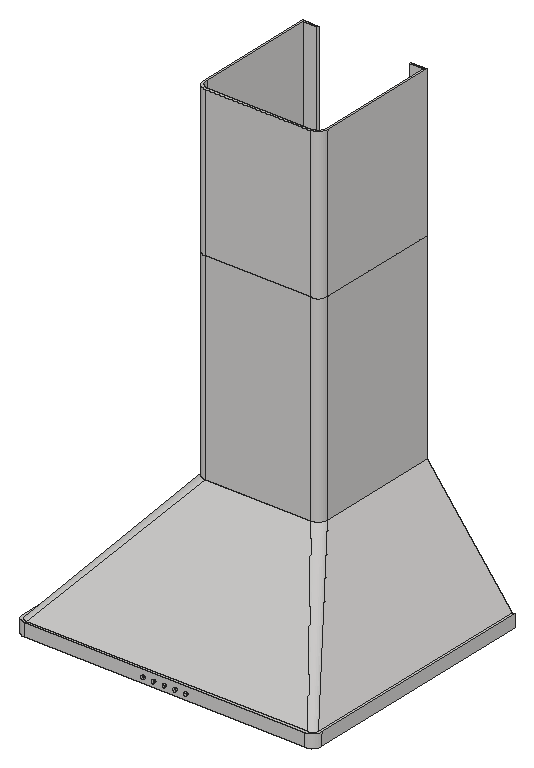
Revit family "Qf_Summit_SEH3624SS_24 inches Wide Wall-Mounted Range Hood", category Specialty Equipment, Revit 2020
Family settings
  Round Connector Dimension = Use Diameter
  Part Type = Normal
  Work Plane-Based = No
  Always vertical = Yes
  Cut with Voids When Loaded = No
  Shared = No
  Room Calculation Point = No
Parameters
  Weight in Pounds = 43
  Watts = FL Amps * Volts  # 299 W
  Volts = 115 V
  Ventilation Remarks = ""
  URL Cutsheet = ""
  Specification by User = ""
  Specification by Manufacturer = ""
  Show Clearance [instance] = yes
  Show Casters [instance] = yes
  Serial Number = ""
  Seismic Rating = ""
  SMACNA No = ""
  Revision Code = ""
  Phase = 1
  Number of Poles = 1
  NAFEM Spec ID Number = ""
  Model = "SEH3624SS"
  Min Ckt Ampacity = 0 A
  Max Overcurrent Protection = 0 A
  Masterspec = ""
  Manufacturer = "Summit"
  Length = 23 9/16"
  Item Number = ""
  Installed By = ""
  Identify Quantity as Lot = yes
  Height = 37"
  HP = ""
  Furnished By = ""
  Foodservice Equipment Identifier = yes
  FL Amps = 2.6 A
  Exhaust Volume = 200 CFM
  Exhaust Vent Width = 10 1/2"
  Exhaust Vent Diameter = 0"
  Exhaust Vent Depth = 9 3/4"
  Exhaust Static Press = 0.00 in-wg
  Exhaust RI Height = 0"
  Electrical Remarks = ""
  Electric Connection Type = ""
  Elec Conn RI Height = 0"
  Elec Conn Connection Height = 0"
  Description = "24\" Wide Wall-Mounted Range Hood"
  Depth = 19 11/16"
  Default Elevation = 0"
  Cycle = 60 Hz
  Conn Plug = ""
  Conn Conduit = yes
  CSI MasterFormat = ""
  Base Height [instance] = 3/4"
  Apparent Power = 828 VA
Reference planes (in)
  plane 1: z = 0
  plane 2 "LEFT": x = 0
  plane 3 "RIGHT": x = 23.5625
  plane 4 "FRONT": y = -20.4375
  plane 5 "TOP": z = 37
  plane 6 "Center Y": x = 11.78125
  plane 7 "Center X": y = -10.59375
  plane 8 "BACK": y = -0.75
  plane 9: z = 25.25
  plane 10: z = 9.5
  plane 11: y = -11.25
  plane 12: x = 6.90625
  plane 13: x = 16.65625
  plane 14: z = 1
Forms (in)
  Extrusion 1, solid, material "QF_Metal_Stainless_Polished"
    sketch origin (0, 0, 0) x (1, 0, 0) y (0, 1, 0)
      loop
        line (6.90625, -0.75) -> (6.90625, -10.5)
        arc (6.90625, -10.5) -> (7.12592, -11.03033) -> (7.65625, -11.25) r 0.75
        line (7.65625, -11.25) -> (15.90625, -11.25)
        arc (15.90625, -11.25) -> (16.43658, -11.03033) -> (16.65625, -10.5) r 0.75
        line (16.65625, -10.5) -> (16.65625, -0.75) -> (15.42774, -0.75) -> (15.42774, -0.875) -> (16.53125, -0.875) -> (16.53125, -10.375)
        arc (16.53125, -10.375) -> (16.31158, -10.90533) -> (15.78125, -11.125) r 0.75
        line (15.78125, -11.125) -> (7.78125, -11.125)
        arc (7.78125, -11.125) -> (7.25092, -10.90533) -> (7.03125, -10.375) r 0.75
        line (7.03125, -10.375) -> (7.03125, -0.875) -> (8.13476, -0.875) -> (8.13476, -0.75) -> (6.90625, -0.75)
    from 25.25 to 37
  Extrusion 2, solid, material "QF_Metal_Stainless_Polished"
    sketch origin (0, 0, 51) x (0, -1, 0) y (1, 0, 0)
      loop
        line (0.75, 6.90625) -> (10.5, 6.90625)
        arc (10.5, 6.90625) -> (11.03033, 7.12592) -> (11.25, 7.65625) r 0.75
        line (11.25, 7.65625) -> (11.25, 15.90625)
        arc (11.25, 15.90625) -> (11.03033, 16.43658) -> (10.5, 16.65625) r 0.75
        line (10.5, 16.65625) -> (0.75, 16.65625) -> (0.75, 6.90625)
    from -41.5 to -25.75
  Blend 3, solid, material "QF_Metal_Stainless_Polished"
    base sketch origin (0, 0, 0) x (1, 0, 0) y (0, 1, 0)
      loop
        line (0.25, -0.75) -> (0.25, -19.6875)
        arc (0.25, -19.6875) -> (0.39645, -20.04105) -> (0.75, -20.1875) r 0.5
        line (0.75, -20.1875) -> (22.8125, -20.1875)
        arc (22.8125, -20.1875) -> (23.16605, -20.04105) -> (23.3125, -19.6875) r 0.5
        line (23.3125, -19.6875) -> (23.3125, -0.75) -> (0.25, -0.75)
    top sketch origin (0, 0, 0) x (1, 0, 0) y (0, 1, 0)
      loop
        line (6.90625, -0.75) -> (6.90625, -10.5)
        arc (6.90625, -10.5) -> (7.12592, -11.03033) -> (7.65625, -11.25) r 0.75
        line (7.65625, -11.25) -> (15.90625, -11.25)
        arc (15.90625, -11.25) -> (16.43658, -11.03033) -> (16.65625, -10.5) r 0.75
        line (16.65625, -10.5) -> (16.65625, -0.75) -> (6.90625, -0.75)
    from 1 to 9.5
  Extrusion 4, solid, material "QF_Metal_Stainless_Polished"
    sketch origin (0, 0, 0) x (1, 0, 0) y (0, 1, 0)
      loop
        line (0, -0.75) -> (0, -19.6875)
        arc (0, -19.6875) -> (0.21967, -20.21783) -> (0.75, -20.4375) r 0.75
        line (0.75, -20.4375) -> (22.8125, -20.4375)
        arc (22.8125, -20.4375) -> (23.34283, -20.21783) -> (23.5625, -19.6875) r 0.75
        line (23.5625, -19.6875) -> (23.5625, -0.75) -> (0, -0.75)
      loop
        line (2, -2.75) -> (2, -18.4375) -> (21.5625, -18.4375) -> (21.5625, -2.75) -> (12, -2.75) -> (12, -15.5) -> (14.48555, -15.5) -> (14.48555, -14) -> (18.23555, -14) -> (18.23555, -15.5) -> (21.5, -15.5) -> (21.5, -18.375) -> (2.0625, -18.375) -> (2.0625, -15.5) -> (5.32695, -15.5) -> (5.32695, -14) -> (9.07695, -14) -> (9.07695, -15.5) -> (11.5625, -15.5) -> (11.5625, -2.75) -> (2, -2.75)
    from 0 to 1
  Extrusion 5, solid, material "QF_Metal_Stainless_Polished"
    sketch origin (6.90625, -0.75, 51) x (1, 0, 0) y (0, 0, -1)
      loop
        circle (5, 40.41486) r 0.25
    from 0 to 0.06876
  Extrusion 6, solid, material "QF_Metal_Stainless_Polished"
    sketch origin (23.5625, -20.4375, 0) x (-1, 0, 0) y (0, 0, -1)
      loop
        circle (11.78125, -0.47403) r 0.11743
      loop
        circle (10.9369, -0.47403) r 0.11743
      loop
        circle (12.6256, -0.47403) r 0.11743
      loop
        circle (13.46994, -0.47403) r 0.11743
      loop
        circle (10.09256, -0.47403) r 0.11743
    from 0 to 0.08308
  Extrusion 7, solid, material "QF_Plastic_White_Smooth"
    sketch origin (0, 0, 0) x (1, 0, 0) y (0, 1, 0)
      loop
        line (2.0625, -15.42101) -> (5.25802, -15.42101) -> (5.25802, -13.92101) -> (9.15251, -13.92101) -> (9.15251, -15.42101) -> (11.5625, -15.42101) -> (11.5625, -2.8125) -> (2.0625, -2.8125) -> (2.0625, -15.42101)
      loop
        line (21.5, -15.42101) -> (21.5, -2.8125) -> (12, -2.8125) -> (12, -15.42101) -> (14.40999, -15.42101) -> (14.40999, -13.92101) -> (18.30448, -13.92101) -> (18.30448, -15.42101) -> (21.5, -15.42101)
    from 0 to 1
Cuts and joins
  joined: Extrusion 2, Extrusion 5
Lines and regions (in)
  Split face 1
    outline origin (0, 0, 0) x (1, 0, 0) y (0, 1, 0)
      loop
        line (9.91378, -16.53038) -> (9.91378, -17.53038) -> (13.66378, -17.53038) -> (13.66378, -16.53038) -> (9.91378, -16.53038)
  Split face 2
    outline origin (-4.25, 0, 0) x (1, 0, 0) y (0, 1, 0)
      loop
        line (10.21965, -14.36017) -> (10.21965, -15.36017) -> (12.58596, -15.36017) -> (12.58596, -14.36017) -> (10.21965, -14.36017)
  Split face 3
    outline origin (27.8125, 0, 0) x (0, 1, 0) y (-1, 0, 0)
      loop
        line (-14.36017, 10.21965) -> (-14.36017, 12.58596) -> (-15.36017, 12.58596) -> (-15.36017, 10.21965) -> (-14.36017, 10.21965)
  Split face 4
    outline origin (-4.25, 13, 0) x (1, 0, 0) y (0, 1, 0)
      loop
        spline (10.4028, -14.79767) -> (10.43688, -14.99178) -> (10.53678, -15.17267) -> (10.6957, -15.328) -> (10.9028, -15.44719) -> (11.14398, -15.52211) -> (11.4028, -15.54767) -> (11.66162, -15.52211) -> (11.9028, -15.44719) -> (12.10991, -15.328) -> (12.26883, -15.17267) -> (12.36873, -14.99178) -> (12.4028, -14.79767)
        spline (12.4028, -14.79767) -> (12.36873, -14.60355) -> (12.26883, -14.42267) -> (12.10991, -14.26734) -> (11.9028, -14.14815) -> (11.66162, -14.07322) -> (11.4028, -14.04767) -> (11.14398, -14.07322) -> (10.9028, -14.14815) -> (10.6957, -14.26734) -> (10.53678, -14.42267) -> (10.43688, -14.60355) -> (10.4028, -14.79767)
  Split face 5
    outline origin (27.8125, 13, 0) x (0, 1, 0) y (-1, 0, 0)
      loop
        spline (-14.79767, 10.4028) -> (-14.60355, 10.43688) -> (-14.42267, 10.53678) -> (-14.26734, 10.6957) -> (-14.14815, 10.9028) -> (-14.07322, 11.14398) -> (-14.04767, 11.4028) -> (-14.07322, 11.66162) -> (-14.14815, 11.9028) -> (-14.26734, 12.10991) -> (-14.42267, 12.26883) -> (-14.60355, 12.36873) -> (-14.79767, 12.4028)
        spline (-14.79767, 12.4028) -> (-14.99178, 12.36873) -> (-15.17267, 12.26883) -> (-15.328, 12.10991) -> (-15.44719, 11.9028) -> (-15.52211, 11.66162) -> (-15.54767, 11.4028) -> (-15.52211, 11.14398) -> (-15.44719, 10.9028) -> (-15.328, 10.6957) -> (-15.17267, 10.53678) -> (-14.99178, 10.43688) -> (-14.79767, 10.4028)
  symbolic lines, style "QF_Clearances_Door_Drawer"
    curve 1: arc (22.8125, -20.4375, 0) -> (23.34283, -20.21783, 0) -> (23.5625, -19.6875, 0) r 0.75
  symbolic lines
    curve 2: line (0.25, -19.6875, 0) -> (0.25, -0.75, 0)
    curve 3: line (0.25, -0.75, 0) -> (23.3125, -0.75, 0)
    curve 4: line (23.3125, -0.75, 0) -> (23.3125, -19.6875, 0)
    curve 5: arc (23.3125, -19.6875, 0) -> (23.16605, -20.04105, 0) -> (22.8125, -20.1875, 0) r 0.5
    curve 6: line (22.8125, -20.1875, 0) -> (0.75, -20.1875, 0)
    curve 7: arc (0.75, -20.1875, 0) -> (0.39645, -20.04105, 0) -> (0.25, -19.6875, 0) r 0.5
    curve 8: line (0, -0.75, 0) -> (0, -19.6875, 0)
    curve 9: arc (0, -19.6875, 0) -> (0.21967, -20.21783, 0) -> (0.75, -20.4375, 0) r 0.75
    curve 10: line (0.75, -20.4375, 0) -> (22.8125, -20.4375, 0)
    curve 11: arc (22.8125, -20.4375, 0) -> (23.34283, -20.21783, 0) -> (23.5625, -19.6875, 0) r 0.75
    curve 12: line (23.5625, -19.6875, 0) -> (23.5625, -0.75, 0)
    curve 13: line (23.5625, -0.75, 0) -> (0, -0.75, 0)
    curve 14: line (6.90625, -0.75, 0) -> (6.90625, -10.5, 0)
    curve 15: arc (6.90625, -10.5, 0) -> (7.12592, -11.03033, 0) -> (7.65625, -11.25, 0) r 0.75
    curve 16: line (7.65625, -11.25, 0) -> (15.90625, -11.25, 0)
    curve 17: arc (15.90625, -11.25, 0) -> (16.43658, -11.03033, 0) -> (16.65625, -10.5, 0) r 0.75
    curve 18: line (16.65625, -10.5, 0) -> (16.65625, -0.75, 0)
    curve 19: line (16.65625, -0.75, 0) -> (15.42774, -0.75, 0)
    curve 20: line (15.42774, -0.75, 0) -> (15.42774, -0.875, 0)
    curve 21: line (15.42774, -0.875, 0) -> (16.53125, -0.875, 0)
    curve 22: line (16.53125, -0.875, 0) -> (16.53125, -10.375, 0)
    curve 23: arc (16.53125, -10.375, 0) -> (16.31158, -10.90533, 0) -> (15.78125, -11.125, 0) r 0.75
    curve 24: line (15.78125, -11.125, 0) -> (7.78125, -11.125, 0)
    curve 25: arc (7.78125, -11.125, 0) -> (7.25092, -10.90533, 0) -> (7.03125, -10.375, 0) r 0.75
    curve 26: line (7.03125, -10.375, 0) -> (7.03125, -0.875, 0)
    curve 27: line (7.03125, -0.875, 0) -> (8.13476, -0.875, 0)
    curve 28: line (8.13476, -0.875, 0) -> (8.13476, -0.75, 0)
    curve 29: line (8.13476, -0.75, 0) -> (6.90625, -0.75, 0)
Dimensions and locks (in)
  equal spacing: plane 2 "LEFT", plane 6 "Center Y", plane 3 "RIGHT"
  "Length": plane 2 "LEFT" to plane 3 "RIGHT"
  equal spacing: plane 4 "FRONT", plane 7 "Center X", plane 8 "BACK"
  "Height": plane 5 "TOP" to level
  plane 3 "RIGHT" to plane 2 "LEFT" = 23 9/16"
  plane 5 "TOP" to level = 37"
  "Depth": plane 4 "FRONT" to plane 8 "BACK"
  plane 9 to plane 10 to level = 15 3/4", 9 1/2"
  plane 8 "BACK" to plane 11 = 10 1/2"
  plane 12 to plane 13 = 9 3/4"
  locked: plane 14 to level at 1
  equal spacing: plane 12, plane 6 "Center Y", plane 13, locked at 4.875 each
  aligned and locked: level to plane 1
  aligned and locked: plane 5 "TOP" to Extrusion 1
  aligned and locked: Extrusion 1 to plane 9
  aligned and locked: Extrusion 2 to plane 10
  aligned and locked: plane 9 to Extrusion 2
  aligned and locked: Extrusion 4 to Blend 3
  aligned and locked: plane 10 to Blend 3
  aligned and locked: plane 14 to Extrusion 7
Automatic sketch dimensions
  curve 1 to curve 5 = 0"  (x2)
  curve 1 to curve 11 = 0"  (x2)
  curve 5 to curve 11 = 0"  (x2)
  curve 7 to curve 9 = 0"  (x2)
  curve 8 to plane 2 "LEFT" = 0"
  plane 8 "BACK" to curve 3 = 0"
  plane 4 "FRONT" to curve 9 = 0"
  curve 15 to plane 12 = 0"
  curve 16 to plane 11 = 0"
  plane 8 "BACK" to curve 29 = 0"
  plane 8 "BACK" to curve 19 = 0"
  curve 18 to plane 13 = 0"
  curve 12 to plane 3 "RIGHT" = 0"
  plane 8 "BACK" to curve 8 = 0"
  curve 8 to curve 3 = 1/4"
  plane 2 "LEFT" to curve 10 = 3/4"
  curve 26 to plane 12 = 1/8"
  curve 16 to plane 12 = 3/4"
  curve 15 to curve 25 = 1/8"
  plane 8 "BACK" to curve 28 = 1/8"
  curve 26 to curve 28 = 1.10351"
  curve 19 to curve 18 = 1.22851"
  plane 11 to curve 24 = 1/8"
  curve 24 to plane 13 = 7/8"
  curve 23 to curve 16 = 1/8"
  curve 22 to plane 13 = 1/8"
  curve 6 to curve 5 = 1/2"
  plane 8 "BACK" to curve 20 = 1/8"
  Extrusion 1 sketch curve to plane 12 = 0"
  Extrusion 1 sketch curve to plane 11 = 0"
  plane 8 "BACK" to Extrusion 1 sketch curve = 0"  (x2)
  Extrusion 1 sketch curve to plane 13 = 0"
  Extrusion 1 sketch curve to plane 12 = 1/8"
  Extrusion 1 sketch curve to plane 12 = 3/4"
  Extrusion 1 sketch curve to Extrusion 1 sketch curve = 1/8"  (x2)
  Extrusion 1 sketch curve to Extrusion 1 sketch curve = 1.10351"
  plane 8 "BACK" to Extrusion 1 sketch curve = 1/8"  (x2)
  Extrusion 1 sketch curve to plane 13 = 1.22851"
  plane 11 to Extrusion 1 sketch curve = 1/8"
  Extrusion 1 sketch curve to plane 13 = 7/8"
  Extrusion 1 sketch curve to plane 13 = 1/8"
  plane 8 "BACK" to Extrusion 2 sketch curve = 0"
  Extrusion 2 sketch curve to plane 12 = 0"
  Extrusion 2 sketch curve to plane 13 = 0"
  Extrusion 2 sketch curve to plane 11 = 0"
  plane 7 "Center X" to Extrusion 2 sketch curve = 3/32"  (x2)
  plane 8 "BACK" to Blend 3 sketch curve = 0"  (x2)
  plane 2 "LEFT" to Blend 3 sketch curve = 1/4"
  Blend 3 sketch curve to Blend 3 sketch curve = 1/2"
  Blend 3 sketch curve to plane 4 "FRONT" = 1/4"
  plane 3 "RIGHT" to Blend 3 sketch curve = 3/4"
  plane 3 "RIGHT" to Blend 3 sketch curve = 1/4"
  Blend 3 sketch curve to plane 12 = 0"
  Blend 3 sketch curve to plane 11 = 0"
  Blend 3 sketch curve to plane 13 = 0"
  plane 7 "Center X" to Blend 3 sketch curve = 3/32"  (x2)
  Extrusion 4 sketch curve to plane 2 "LEFT" = 0"
  plane 4 "FRONT" to Extrusion 4 sketch curve = 0"
  Extrusion 4 sketch curve to plane 3 "RIGHT" = 0"
  plane 8 "BACK" to Extrusion 4 sketch curve = 0"
  Extrusion 4 sketch curve to Extrusion 4 sketch curve = 3/4"
  Extrusion 4 sketch curve to Extrusion 4 sketch curve = 1 1/4"  (x2)
  Extrusion 4 sketch curve to Extrusion 4 sketch curve = 1/16"  (x2)
  plane 12 to Extrusion 4 sketch curve = 1.5793"
  Extrusion 4 sketch curve to plane 12 = 2.1707"
  Extrusion 4 sketch curve to plane 13 = 2.1707"
  plane 13 to Extrusion 4 sketch curve = 1.5793"
  plane 3 "RIGHT" to Extrusion 4 sketch curve = 2 1/16"
  plane 3 "RIGHT" to Extrusion 4 sketch curve = 2"
  plane 3 "RIGHT" to Extrusion 4 sketch curve = 3/4"
  Extrusion 4 sketch curve to plane 11 = 4 1/4"  (x2)
  Extrusion 4 sketch curve to Extrusion 4 sketch curve = 0"  (x3)
  Extrusion 4 sketch curve to Extrusion 4 sketch curve = 1 1/2"  (x2)
  plane 8 "BACK" to Extrusion 4 sketch curve = 2"
  Extrusion 2 to Extrusion 5 sketch curve = 1.08514"
  Extrusion 5 sketch curve to Extrusion 2 = 4 3/4"
  Extrusion 4 to Extrusion 6 sketch curve = 0.47403"  (x5)
  Extrusion 6 sketch curve to Extrusion 4 = 9.34256"
  Extrusion 6 sketch curve to Extrusion 6 sketch curve = 0.84435"  (x4)
  plane 2 "LEFT" to Extrusion 7 sketch curve = 2 1/16"
  plane 12 to Extrusion 7 sketch curve = 1.64823"
  Extrusion 7 sketch curve to plane 12 = 2.24626"
  Extrusion 7 sketch curve to plane 6 "Center Y" = 7/32"
  plane 6 "Center Y" to Extrusion 7 sketch curve = 7/32"
  Extrusion 7 sketch curve to plane 13 = 2.24626"
  plane 13 to Extrusion 7 sketch curve = 1.64823"
  plane 3 "RIGHT" to Extrusion 7 sketch curve = 2 1/16"
  Extrusion 7 sketch curve to plane 11 = 4.17101"  (x2)
  Extrusion 7 sketch curve to Extrusion 7 sketch curve = 0"  (x2)
  Extrusion 7 sketch curve to Extrusion 7 sketch curve = 1 1/2"  (x2)
  plane 8 "BACK" to Extrusion 7 sketch curve = 2 1/16"  (x2)
  Extrusion 4 to Split face 1 sketch curve = 0.83683"
  Extrusion 4 to Split face 1 sketch curve = 0.82177"
  Split face 1 sketch curve to Extrusion 4 = 0.84462"
  Split face 1 sketch curve to Split face 1 sketch curve = 1"
  Extrusion 4 to Split face 2 sketch curve = 0.13983"
  Split face 2 sketch curve to Extrusion 4 = 0.6427"
  Split face 2 sketch curve to Extrusion 4 = 0.74099"
  Split face 2 sketch curve to Extrusion 4 = 0.36017"
  Extrusion 4 to Split face 3 sketch curve = 0.13983"
  Split face 3 sketch curve to Extrusion 4 = 0.36017"
  Split face 3 sketch curve to Extrusion 4 = 0.6427"
  Split face 3 sketch curve to Extrusion 4 = 0.74099"
  Split face 4 sketch curve to Extrusion 4 = 0.82586"
  Split face 4 sketch curve to Extrusion 4 = 0.95233"
  Split face 4 sketch curve to Split face 4 sketch curve = 1"
  Split face 5 sketch curve to Extrusion 4 = 0.95233"
  Split face 5 sketch curve to Extrusion 4 = 0.82586"
  Split face 5 sketch curve to Split face 5 sketch curve = 1"
  plane 6 "Center Y" to Extrusion 4 sketch curve = 7/32"
  Extrusion 4 sketch curve to plane 6 "Center Y" = 7/32"
  radius of Extrusion 5 sketch curve = 1/4"
  radius of Extrusion 6 sketch curve = 0.11743"  (x5)
Connectors (in)
  electrical at (11.90625, -0.68124, 10.58514), driven by "Volts", driven by "Apparent Power"
    settings: on cut or joined group of Extrusion 2, Extrusion 5, index 1, voltage 115 V, apparent load 828 VA, apparent load phase1 0 VA, apparent load phase2 0 VA, apparent load phase3 0 VA, power factor 1, load classification "Other", number of poles 1, system type 30, power factor state 1, is connector primary yes, connector utility no, sub classification motor no, connector description "Electrical Inlet"
  hvac at (11.78125, -5.8125, 37)
    settings: on Extrusion 1, index 2, duct flow 0 CFM, flow factor 0, pres drop 0.00 in-wg, loss coef 0, conn angle 0.00°, conn width 9 3/4", conn height 10 1/2", conn diameter 24", duct sys type 3, conn prof type 1, flow config 1, flow direction 2, loss method 0, conn ref index -1, conn util no, is conn primary yes, conn desc "Exhaust"
